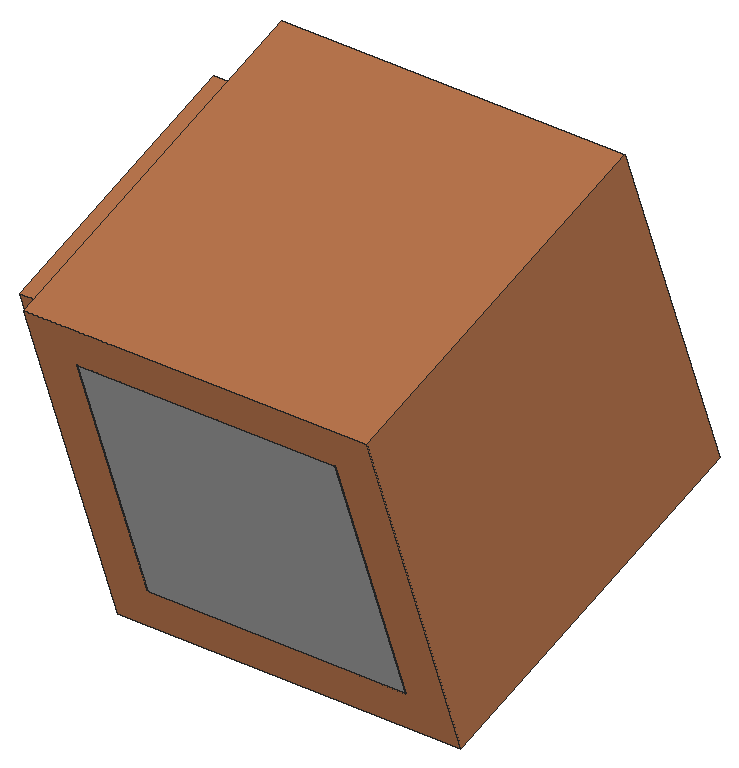
Revit family "BH1_Surface Wall Mounted Luminaire", category Lighting Fixtures, Revit 2013
Parameters (values of type "1X18w")
  Wattage = 36 W
  built-in parameter 1150110 = 1 (stored number, unit not read)
  built-in parameter 1114217 = 1 (stored number, unit not read)
  Tilt Angle = 180.00°
  built-in parameter 1150109 = 1 (stored number, unit not read)
  built-in parameter 1150134 = 3
  built-in parameter 1150113 = 1 (stored number, unit not read)
  built-in parameter 1010507 = 0.7854 (stored number, unit not read)
  built-in parameter 1010506 = 0.5236 (stored number, unit not read)
  Model = ""
  Material = Bright
  Manufacturer = ""
  built-in parameter 1150105 = 7379.5 (stored number, unit not read)
  Lumens = 1789.56 lm
  built-in parameter 1150115 = 1 (stored number, unit not read)
  Load Classification = Ltg
  Light Type [instance] = "BH1"
  built-in parameter 1150131 = 3048 mm
  built-in parameter 1150137 = (empty or 0)
  built-in parameter 1150139 = (empty or 0)
  Light Body = Light Body
  built-in parameter 1150112 = 1 (stored number, unit not read)
  built-in parameter 1150114 = 1 (stored number, unit not read)
  Lamp = "1x18W"
  built-in parameter 1150132 = (empty or 0)
  built-in parameter 1150102 = (empty or 0)
  built-in parameter 1150107 = 4230 (stored number, unit not read)
  built-in parameter 1150138 = (empty or 0)
  built-in parameter 1150106 = 73.795 (stored number, unit not read)
  Glass = Glass, Green
  Emit from Circle Diameter = 1000 mm
  Emit Shape Visible in Rendering = no
  built-in parameter 1150104 = 4.6182 (stored number, unit not read)
  Dimming Lamp Color Temperature Shift = <None>
  Color Filter = 16777215
  Body = Whitecroft Lighting_Steel_White_RAL9003
  built-in parameter 1114218 = 1 (stored number, unit not read)
  Light Source Symbol Length = 3048 mm
  Apparent Load = 18 W
Reference planes
  plane 1 "Light Source Axis (F/B)": y = 0
  plane 2: z = 0
  plane 3 "Light Source Axis (L/R)": x = 0
  plane 4 "Light Source Elevation": z = 80
  plane 5: x = -80
  plane 6: x = 80
  plane 7: through (-31.514, -570.424, 1127.631) normal (0, 0.9397, 0.342)
  plane 8 "Fr": y = -160
  plane 9 "Lf": x = -79.408
Forms (mm)
  Extrusion 1, solid, material "Light Body" <- "Light Body"
    sketch origin (0, -9.649, 54.723) x (1, 0, 0) y (0, 0.939693, 0.34202)
      loop
        line (-79.408, -160) -> (80, -160) -> (80, 0) -> (-79.408, 0) -> (-79.408, -160)
    from 0 to 160
  Extrusion 2, void
    sketch origin (0, -160, 0) x (-1, 0, 0) y (0, -0.34202, 0.939693)
      loop
        line (60, 20) -> (60, 140) -> (-60, 140) -> (-60, 20) -> (60, 20)
    from 0 to 15
  Extrusion 3, void
    sketch origin (0, -160, 0) x (-1, 0, 0) y (0, -0.34202, 0.939693)
      loop
        line (40, 40) -> (40, 120) -> (-40, 120) -> (-40, 40) -> (40, 40)
    from 15 to 130
  Extrusion 4, solid, material "Light Body" <- "Light Body"
    sketch origin (-79.408, -9.649, 54.723) x (0, 0.939693, 0.34202) y (0, -0.34202, 0.939693)
      loop
        line (-20, 20) -> (-20, 140) -> (-140, 140) -> (-140, 20) -> (-20, 20)
    from 0 to -22
  Extrusion 5, solid, material "Glass, Green" <- "Glass"
    sketch origin (0, -9.649, 54.723) x (1, 0, 0) y (0, -0.34202, 0.939693)
      loop
        line (-60, 20) -> (60, 20) -> (60, 140) -> (-60, 140) -> (-60, 20)
    from 155 to 160
Cuts and joins
  Extrusion 2, Extrusion 3 cuts Extrusion 1
Dimensions and locks
  aligned and locked: level to plane 2
Nested families
  nested 1: "EL_BH1" at (0, 0, 0), type "EL_BH1"
Connectors
  electrical at (-101.408, -112.186, 102.537), driven by "Load Classification"
    settings: on Extrusion 4, index 1, voltage 230 V, apparent load 0 W, apparent load phase1 20 W, apparent load phase2 0 W, apparent load phase3 0 W, power factor 0.9, load classification "Ltg", number of poles 1, system type 31, power factor state 1, is connector primary yes, connector utility no, sub classification motor no, connector description ""
Definition of nested family "EL_BH1"
  Reference planes
    plane 1: y = 0
    plane 2: x = 0
  Lines and regions (mm)
    detail lines, style "Lighting Symbols"
      curve 1: line (-0.73, 0, 0) -> (0.77, 0, 0)
      curve 2: line (0, 0, 0) -> (0, -1.275, 0)
      curve 3: circle (-0.023, -2.525, 0) r 1.25 normal (0, 0, 1)
